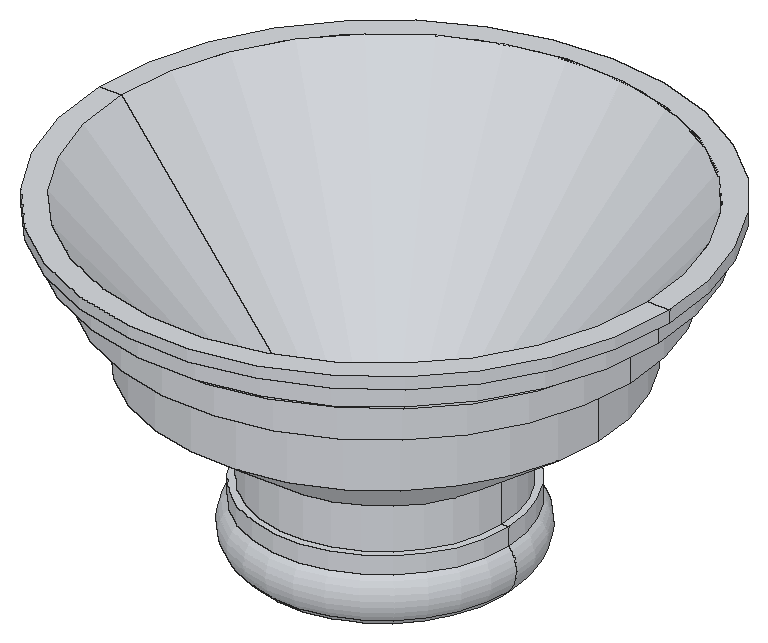
Revit family "Qf_Fisher_6556_Drain_Bs_BRS_Pol_Cr", category Specialty Equipment, Revit 2020
Family settings
  Round Connector Dimension = Use Diameter
  Part Type = Normal
  Work Plane-Based = No
  Always vertical = Yes
  Cut with Voids When Loaded = No
  Shared = No
  Room Calculation Point = No
Parameters
  Weight in Pounds = 1
  Waste Water Discharge Temperature = -459.67 °F
  URL Cutsheet = ""
  Specification by User = ""
  Specification by Manufacturer = ""
  Serial Number = ""
  Seismic Rating = ""
  SMACNA No = ""
  Revision Code = ""
  Plumbing Remarks = ""
  Plumbing Connection Type = ""
  NAFEM Spec ID Number = ""
  Model = "6556"
  Masterspec = ""
  Manufacturer = "FISHER"
  Length = 4 1/2"
  Item Number = ""
  Installed By = ""
  Indirect Waste Size = 1 1/2"
  Indirect Waste Flow = 12 GPM
  Indirect Waste Connection Type = ""
  Indirect Waste Connection Height = 0"
  Identify Quantity as Lot = yes
  Height = 2 5/8"
  Furnished By = ""
  Foodservice Equipment Identifier = yes
  Description = "Drain BS BRS POL CR 3 1/2"
  Depth = 4 1/2"
  Default Elevation = 0"
  CSI MasterFormat = ""
Reference planes (in)
  plane 1 "BACK": y = 0
  plane 2: z = 0
  plane 3 "LEFT": x = 0
  plane 4 "RIGHT": x = 4.5
  plane 5 "FRONT": y = -4.5
  plane 6 "TOP": z = 2.625
  plane 7 "Center Y": x = 2.25
  plane 8 "Center X": y = -2.25
  plane 9: y = -12.875
Forms (in)
  Revolve 1, solid
    sketch origin (-10.88143, -2.25, 48) x (-1, 0, 0) y (0, 0, 1)
      loop
        line (-10.88143, -45.375) -> (-11.0529, -45.375) -> (-12.49917, -47.0986) -> (-12.49917, -48) -> (-12.45337, -48) -> (-12.45337, -47.92268) -> (-12.37402, -47.92268)
        arc (-12.37402, -47.92268) -> (-12.2537, -47.88945) -> (-12.15387, -47.81451) r 0.33534
        arc (-12.15387, -47.81451) -> (-12.09096, -47.65227) -> (-12.15387, -47.49002) r 0.24071
        line (-12.15387, -47.49002) -> (-12.15387, -47.35566) -> (-12.20809, -47.35566) -> (-12.20809, -47.03309) -> (-11.43829, -46.49407) -> (-11.43829, -45.99407) -> (-11.18829, -45.99407) -> (-11.18829, -45.71401) -> (-11.08195, -45.71401) -> (-11.08195, -45.63763) -> (-10.96963, -45.63763) -> (-10.96963, -45.4639) -> (-10.88143, -45.4639) -> (-10.88143, -45.375)
      axis (-13.13143, -45.375) -> (-13.13143, -48)
    angle from 0 to 360
Lines and regions (in)
  symbolic lines
    curve 1: arc (4.5, -2.25, 0) -> (2.25, 0, 0) -> (0, -2.25, 0) r 2.25
    curve 2: arc (0, -2.25, 0) -> (2.25, -4.5, 0) -> (4.5, -2.25, 0) r 2.25
Dimensions and locks (in)
  equal spacing: plane 3 "LEFT", plane 7 "Center Y", plane 4 "RIGHT"
  "Length": plane 3 "LEFT" to plane 4 "RIGHT"
  equal spacing: plane 5 "FRONT", plane 8 "Center X", plane 1 "BACK"
  "Depth": plane 5 "FRONT" to plane 1 "BACK"
  "Height": plane 6 "TOP" to level
  plane 5 "FRONT" to plane 1 "BACK" = 4 1/2"
  plane 6 "TOP" to plane 2 = 2 5/8"
  plane 6 "TOP" to level = 2 5/8"
  aligned and locked: plane 2 to level
Automatic sketch dimensions
  curve 1 to curve 2 = 0"  (x2)
  curve 2 to plane 3 "LEFT" = 0"
  curve 2 to plane 7 "Center Y" = 0"
  curve 1 to plane 8 "Center X" = 0"
  Revolve 1 sketch curve to plane 6 "TOP" = 0"
  Revolve 1 sketch curve to plane 7 "Center Y" = 0"
  Revolve 1 sketch curve to plane 3 "LEFT" = 0"
  Revolve 1 sketch curve to Revolve 1 sketch curve = 0.05179"
  Revolve 1 sketch curve to Revolve 1 sketch curve = 0.07935"
  Revolve 1 sketch curve to Revolve 1 sketch curve = 0.0699"
  Revolve 1 sketch curve to Revolve 1 sketch curve = 0.19349"
  Revolve 1 sketch curve to Revolve 1 sketch curve = 0.05422"
  plane 3 "LEFT" to Revolve 1 sketch curve = 0.55686"
  Revolve 1 sketch curve to Revolve 1 sketch curve = 1/4"  (x2)
  Revolve 1 sketch curve to Revolve 1 sketch curve = 0.10633"
  plane 3 "LEFT" to Revolve 1 sketch curve = 0.0882"
  Revolve 1 sketch curve to Revolve 1 sketch curve = 0.07732"
  Revolve 1 sketch curve to Revolve 1 sketch curve = 0.27042"
  Revolve 1 sketch curve to Revolve 1 sketch curve = 0.06379"
  Revolve 1 sketch curve to Revolve 1 sketch curve = 0.16225"
  Revolve 1 sketch curve to Revolve 1 sketch curve = 0.13436"
  Revolve 1 sketch curve to Revolve 1 sketch curve = 0.32257"
  Revolve 1 sketch curve to Revolve 1 sketch curve = 0.53902"
  Revolve 1 sketch curve to Revolve 1 sketch curve = 1/2"
  Revolve 1 sketch curve to Revolve 1 sketch curve = 0.28006"
  Revolve 1 sketch curve to Revolve 1 sketch curve = 0.07638"
  Revolve 1 sketch curve to plane 6 "TOP" = 0.0889"
  Revolve 1 sketch curve to Revolve 1 sketch curve = 0.0458"
  Revolve 1 sketch curve to Revolve 1 sketch curve = 0.08327"
  Revolve 1 sketch curve to level = 0.17539"
  Revolve 1 sketch curve to Revolve 1 sketch curve = 0.06551"
  Revolve 1 sketch curve to level = 0"
  Revolve 1 sketch curve to plane 7 "Center Y" = 0.63226"
Connectors (in)
  piping at (2.25, -2.25, 0), diameter 1.25
    settings: on Revolve 1, index 1, connector inside diameter 24", connector length 0", flow factor 0, pipe flow 0 GPM, pressure drop 0.00 psi, fitting loss kfactor 0, connector angle 0.00°, fixture units 0, engagement length 0", angle of deflection 0.00°, flow configuration 0, flow direction 0, fitting loss method 0, system type 7, joint type 0, gender type 0, connector reference index -1, connector utility 0, adjustable connector no, is connector primary yes, connector description ""
